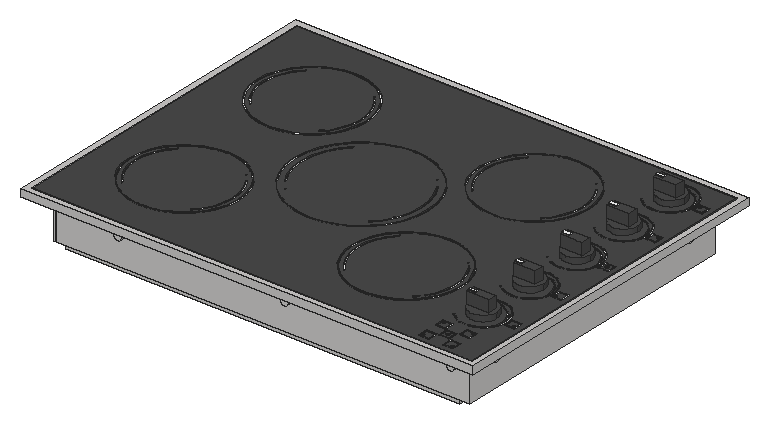
Revit family "QF_Summit_CR5B273B_Electric Cooktop", category Specialty Equipment, Revit 2020
Family settings
  Round Connector Dimension = Use Diameter
  Part Type = Normal
  Work Plane-Based = No
  Always vertical = Yes
  Cut with Voids When Loaded = No
  Shared = No
  Room Calculation Point = No
Parameters
  Weight in Pounds = 35
  Watts = Volts * FL Amps  # 5750 W
  Volts = 230 V
  URL Cutsheet = ""
  Specification by User = ""
  Specification by Manufacturer = ""
  Serial Number = ""
  Seismic Rating = ""
  SMACNA No = ""
  Revision Code = ""
  Phase = 1
  Number of Poles = 1
  NAFEM Spec ID Number = ""
  Model = "CR5B273B"
  Min Ckt Ampacity = 0 A
  Max Overcurrent Protection = 0 A
  Masterspec = ""
  Manufacturer = "Summit"
  Length = 27"
  Item Number = ""
  Installed By = ""
  Identify Quantity as Lot = yes
  Height = 3 1/8"
  HP = ""
  Furnished By = ""
  Foodservice Equipment Identifier = yes
  FL Amps = 25 A
  Electrical Remarks = ""
  Electric Connection Type = ""
  Elec Conn RI Height = 0"
  Elec Conn Connection Height = 0"
  Description = "Electric Cooktop"
  Depth = 20 1/2"
  Default Elevation = 0"
  Cycle = 60 Hz
  Conn Plug = ""
  Conn Conduit = yes
  CSI MasterFormat = ""
  Apparent Power = if(Phase = 3, Volts * FL Amps * 1.73, Volts * FL Amps)  # 5750 VA
Reference planes (in)
  plane 1 "BACK": y = 0
  plane 2: z = 0
  plane 3 "LEFT": x = 0
  plane 4 "RIGHT": x = 27
  plane 5 "FRONT": y = -20.5
  plane 6 "TOP": z = 3.125
  plane 7 "Center Y": x = 13.5
  plane 8 "Center X": y = -10.25
  plane 9: z = 4.125
  plane 10: z = 2.6875
  plane 11: x = 1
  plane 12: x = 1.125
  plane 13: y = -19.375
  plane 14: y = -19.5
  plane 15: x = 25.875
  plane 16: x = 26
  plane 17: y = -1.125
  plane 18: y = -1
  plane 19: z = 0.25
Forms (in)
  Extrusion 1, solid, material "QF_Plastic_Black_Smooth"
    sketch origin (-38.39759, -180, 3.125) x (-1, 0, 0) y (0, -1, 0)
      loop
        circle (-57.02259, -174.52348) r 3.25
      loop
        line (-38.77259, -179.625) -> (-38.77259, -159.875) -> (-65.02259, -159.875) -> (-65.02259, -179.625) -> (-38.77259, -179.625)
      loop
        circle (-57.02259, -174.52348) r 3.1875
      loop
        arc (-59.09085, -172.4366) -> (-59.96075, -174.52348) -> (-59.09085, -176.61036) r 2.93815
        line (-59.09085, -176.61036) -> (-59.04666, -176.56616)
        arc (-59.04666, -176.56616) -> (-59.89825, -174.52348) -> (-59.04666, -172.48079) r 2.87565
        line (-59.04666, -172.48079) -> (-59.09085, -172.4366)
      loop
        arc (-54.95433, -176.61036) -> (-54.08444, -174.52348) -> (-54.95433, -172.4366) r 2.93815
        line (-54.95433, -172.4366) -> (-54.99853, -172.48079)
        arc (-54.99853, -172.48079) -> (-54.14694, -174.52348) -> (-54.99853, -176.56616) r 2.87565
        line (-54.99853, -176.56616) -> (-54.95433, -176.61036)
      loop
        circle (-43.77259, -174.52348) r 3.25
      loop
        circle (-43.77259, -174.52348) r 3.1875
      loop
        arc (-45.84085, -172.4366) -> (-46.71075, -174.52348) -> (-45.84085, -176.61036) r 2.93815
        line (-45.84085, -176.61036) -> (-45.79666, -176.56616)
        arc (-45.79666, -176.56616) -> (-46.64825, -174.52348) -> (-45.79666, -172.48079) r 2.87565
        line (-45.79666, -172.48079) -> (-45.84085, -172.4366)
      loop
        arc (-41.70433, -176.61036) -> (-40.83444, -174.52348) -> (-41.70433, -172.4366) r 2.93815
        line (-41.70433, -172.4366) -> (-41.74853, -172.48079)
        arc (-41.74853, -172.48079) -> (-40.89694, -174.52348) -> (-41.74853, -176.56616) r 2.87565
        line (-41.74853, -176.56616) -> (-41.70433, -176.61036)
      loop
        circle (-57.02259, -165) r 3.25
      loop
        circle (-57.02259, -165) r 3.1875
      loop
        arc (-59.09085, -162.91312) -> (-59.96075, -165) -> (-59.09085, -167.08688) r 2.93815
        line (-59.09085, -167.08688) -> (-59.04666, -167.04268)
        arc (-59.04666, -167.04268) -> (-59.89825, -165) -> (-59.04666, -162.95732) r 2.87565
        line (-59.04666, -162.95732) -> (-59.09085, -162.91312)
      loop
        arc (-54.95433, -167.08688) -> (-54.08444, -165) -> (-54.95433, -162.91312) r 2.93815
        line (-54.95433, -162.91312) -> (-54.99853, -162.95732)
        arc (-54.99853, -162.95732) -> (-54.14694, -165) -> (-54.99853, -167.04268) r 2.87565
        line (-54.99853, -167.04268) -> (-54.95433, -167.08688)
      loop
        circle (-43.77259, -165) r 3.25
      loop
        circle (-43.77259, -165) r 3.1875
      loop
        arc (-45.84085, -162.91312) -> (-46.71075, -165) -> (-45.84085, -167.08688) r 2.93815
        line (-45.84085, -167.08688) -> (-45.79666, -167.04268)
        arc (-45.79666, -167.04268) -> (-46.64825, -165) -> (-45.79666, -162.95732) r 2.87565
        line (-45.79666, -162.95732) -> (-45.84085, -162.91312)
      loop
        arc (-41.70433, -167.08688) -> (-40.83444, -165) -> (-41.70433, -162.91312) r 2.93815
        line (-41.70433, -162.91312) -> (-41.74853, -162.95732)
        arc (-41.74853, -162.95732) -> (-40.89694, -165) -> (-41.74853, -167.04268) r 2.87565
        line (-41.74853, -167.04268) -> (-41.70433, -167.08688)
      loop
        circle (-50.52259, -169.75) r 4
      loop
        circle (-50.52259, -169.75) r 3.9375
      loop
        arc (-53.0374, -167.19261) -> (-54.1093, -169.75) -> (-53.0374, -172.30739) r 3.58671
        line (-53.0374, -172.30739) -> (-52.99321, -172.26319)
        arc (-52.99321, -172.26319) -> (-54.0468, -169.75) -> (-52.99321, -167.23681) r 3.52421
        line (-52.99321, -167.23681) -> (-53.0374, -167.19261)
      loop
        arc (-48.00778, -172.30739) -> (-46.93588, -169.75) -> (-48.00778, -167.19261) r 3.58671
        line (-48.00778, -167.19261) -> (-48.05198, -167.23681)
        arc (-48.05198, -167.23681) -> (-46.99838, -169.75) -> (-48.05198, -172.26319) r 3.52421
        line (-48.05198, -172.26319) -> (-48.00778, -172.30739)
      loop
        line (-61.57847, -173.25166) -> (-61.62267, -173.29586)
        arc (-61.62267, -173.29586) -> (-62.83855, -172.91173) -> (-63.82432, -173.72053) r 1.33828
        arc (-63.82432, -173.72053) -> (-63.26359, -175.07405) -> (-61.79901, -175.03578) r 1.29341
        line (-61.79901, -175.03578) -> (-61.60662, -175.22817)
        arc (-61.60662, -175.22817) -> (-63.98572, -174.20584) -> (-61.57847, -173.25166) r 1.40078
      loop
        arc (-61.80622, -175.11696) -> (-63.16673, -175.20147) -> (-63.91317, -174.06088) r 1.35591
        arc (-63.91317, -174.06088) -> (-63.208, -175.41025) -> (-61.6966, -175.22658) r 1.33828
        line (-61.6966, -175.22658) -> (-61.80622, -175.11696)
      loop
        line (-61.57847, -169.75166) -> (-61.62267, -169.79586)
        arc (-61.62267, -169.79586) -> (-62.83855, -169.41173) -> (-63.82432, -170.22053) r 1.33828
        arc (-63.82432, -170.22053) -> (-63.26359, -171.57405) -> (-61.79901, -171.53578) r 1.29341
        line (-61.79901, -171.53578) -> (-61.60662, -171.72817)
        arc (-61.60662, -171.72817) -> (-63.98572, -170.70584) -> (-61.57847, -169.75166) r 1.40078
      loop
        arc (-61.80622, -171.61696) -> (-63.16673, -171.70147) -> (-63.91317, -170.56088) r 1.35591
        arc (-63.91317, -170.56088) -> (-63.208, -171.91025) -> (-61.6966, -171.72658) r 1.33828
        line (-61.6966, -171.72658) -> (-61.80622, -171.61696)
      loop
        line (-61.57847, -166.25166) -> (-61.62267, -166.29586)
        arc (-61.62267, -166.29586) -> (-62.83855, -165.91173) -> (-63.82432, -166.72053) r 1.33828
        arc (-63.82432, -166.72053) -> (-63.26359, -168.07405) -> (-61.79901, -168.03578) r 1.29341
        line (-61.79901, -168.03578) -> (-61.60662, -168.22817)
        arc (-61.60662, -168.22817) -> (-63.98572, -167.20584) -> (-61.57847, -166.25166) r 1.40078
      loop
        arc (-61.80622, -168.11696) -> (-63.16673, -168.20147) -> (-63.91317, -167.06088) r 1.35591
        arc (-63.91317, -167.06088) -> (-63.208, -168.41025) -> (-61.6966, -168.22658) r 1.33828
        line (-61.6966, -168.22658) -> (-61.80622, -168.11696)
      loop
        line (-61.57847, -162.77723) -> (-61.62267, -162.82143)
        arc (-61.62267, -162.82143) -> (-62.83855, -162.4373) -> (-63.82432, -163.2461) r 1.33828
        arc (-63.82432, -163.2461) -> (-63.26359, -164.59962) -> (-61.79901, -164.56135) r 1.29341
        line (-61.79901, -164.56135) -> (-61.60662, -164.75374)
        arc (-61.60662, -164.75374) -> (-63.98572, -163.73141) -> (-61.57847, -162.77723) r 1.40078
      loop
        arc (-61.80622, -164.64253) -> (-63.16673, -164.72704) -> (-63.91317, -163.58645) r 1.35591
        arc (-63.91317, -163.58645) -> (-63.208, -164.93582) -> (-61.6966, -164.75215) r 1.33828
        line (-61.6966, -164.75215) -> (-61.80622, -164.64253)
      loop
        line (-61.57579, -162.04609) -> (-61.57579, -161.46755) -> (-62.15433, -161.46755) -> (-62.15433, -162.04609) -> (-61.57579, -162.04609)
      loop
        line (-61.60704, -161.4988) -> (-62.12308, -161.4988) -> (-62.12308, -162.01484) -> (-61.60704, -162.01484) -> (-61.60704, -161.4988)
      loop
        circle (-61.70168, -161.92081) r 0.08284
      loop
        line (-63.58551, -162.04609) -> (-63.00697, -162.04609) -> (-63.00697, -161.46755) -> (-63.58551, -161.46755) -> (-63.58551, -162.04609)
      loop
        line (-63.55426, -161.4988) -> (-63.55426, -162.01484) -> (-63.03822, -162.01484) -> (-63.03822, -161.4988) -> (-63.55426, -161.4988)
      loop
        circle (-63.45963, -161.92081) r 0.08284
      loop
        line (-61.57579, -160.22956) -> (-62.15433, -160.22956) -> (-62.15433, -160.8081) -> (-61.57579, -160.8081) -> (-61.57579, -160.22956)
      loop
        line (-61.60704, -160.77685) -> (-61.60704, -160.26081) -> (-62.12308, -160.26081) -> (-62.12308, -160.77685) -> (-61.60704, -160.77685)
      loop
        circle (-61.70168, -160.35484) r 0.08284
      loop
        line (-63.58551, -160.22956) -> (-63.58551, -160.8081) -> (-63.00697, -160.8081) -> (-63.00697, -160.22956) -> (-63.58551, -160.22956)
      loop
        line (-63.55426, -160.77685) -> (-63.03822, -160.77685) -> (-63.03822, -160.26081) -> (-63.55426, -160.26081) -> (-63.55426, -160.77685)
      loop
        circle (-63.45963, -160.35484) r 0.08284
      loop
        line (-64.66008, -163.4712) -> (-64.66008, -164.04974) -> (-64.08154, -164.04974) -> (-64.08154, -163.4712) -> (-64.66008, -163.4712)
      loop
        line (-64.62883, -164.01849) -> (-64.11279, -164.01849) -> (-64.11279, -163.50245) -> (-64.62883, -163.50245) -> (-64.62883, -164.01849)
      loop
        circle (-64.53419, -163.59648) r 0.08284
      loop
        line (-64.08154, -166.95781) -> (-64.66008, -166.95781) -> (-64.66008, -167.53635) -> (-64.08154, -167.53635) -> (-64.08154, -166.95781)
      loop
        line (-64.11279, -167.5051) -> (-64.11279, -166.98906) -> (-64.62883, -166.98906) -> (-64.62883, -167.5051) -> (-64.11279, -167.5051)
      loop
        circle (-64.20743, -167.0831) r 0.08284
      loop
        line (-64.66008, -171.03551) -> (-64.08154, -171.03551) -> (-64.08154, -170.45697) -> (-64.66008, -170.45697) -> (-64.66008, -171.03551)
      loop
        line (-64.62883, -170.48822) -> (-64.62883, -171.00426) -> (-64.11279, -171.00426) -> (-64.11279, -170.48822) -> (-64.62883, -170.48822)
      loop
        circle (-64.37081, -170.74624) r 0.08284
      loop
        line (-64.08154, -174.55236) -> (-64.08154, -173.97382) -> (-64.66008, -173.97382) -> (-64.66008, -174.55236) -> (-64.08154, -174.55236)
      loop
        line (-64.11279, -174.00507) -> (-64.62883, -174.00507) -> (-64.62883, -174.52111) -> (-64.11279, -174.52111) -> (-64.11279, -174.00507)
      loop
        line (-62.29138, -161.4271) -> (-62.29138, -160.84856) -> (-62.86992, -160.84856) -> (-62.86992, -161.4271) -> (-62.29138, -161.4271)
      loop
        line (-62.32263, -160.87981) -> (-62.83867, -160.87981) -> (-62.83867, -161.39585) -> (-62.32263, -161.39585) -> (-62.32263, -160.87981)
      loop
        circle (-62.58065, -161.13783) r 0.08284
      loop
        line (-61.57847, -176.75166) -> (-61.62267, -176.79586)
        arc (-61.62267, -176.79586) -> (-62.83855, -176.41173) -> (-63.82432, -177.22053) r 1.33828
        arc (-63.82432, -177.22053) -> (-63.26359, -178.57405) -> (-61.79901, -178.53578) r 1.29341
        line (-61.79901, -178.53578) -> (-61.60662, -178.72817)
        arc (-61.60662, -178.72817) -> (-63.98572, -177.70584) -> (-61.57847, -176.75166) r 1.40078
      loop
        arc (-61.80622, -178.61696) -> (-63.16673, -178.70147) -> (-63.91317, -177.56088) r 1.35591
        arc (-63.91317, -177.56088) -> (-63.208, -178.91025) -> (-61.6966, -178.72658) r 1.33828
        line (-61.6966, -178.72658) -> (-61.80622, -178.61696)
      loop
        line (-64.08154, -178.05236) -> (-64.08154, -177.47382) -> (-64.66008, -177.47382) -> (-64.66008, -178.05236) -> (-64.08154, -178.05236)
      loop
        line (-64.11279, -177.50507) -> (-64.62883, -177.50507) -> (-64.62883, -178.02111) -> (-64.11279, -178.02111) -> (-64.11279, -177.50507)
      loop
        circle (-64.20743, -177.92707) r 0.08284
      loop
        circle (-64.53419, -174.42707) r 0.08284
    from 0 to -0.4375
  Extrusion 2, solid, material "QF_Plastic_Black_Smooth"
    sketch origin (-38.39759, -181.25, 3.125) x (-1, 0, 0) y (0, -1, 0)
      loop
        circle (-62.5974, -165.00277) r 0.81666
      loop
        circle (-62.5974, -168.4772) r 0.81666
      loop
        circle (-62.5974, -171.9772) r 0.81666
      loop
        circle (-62.5974, -175.4772) r 0.81666
      loop
        circle (-62.5974, -178.9772) r 0.81666
    from 0 to 0.3127
  Extrusion 3, solid, material "QF_Plastic_Black_Smooth"
    sketch origin (-38.39759, -181.25, 3.4377) x (-1, 0, 0) y (0, -1, 0)
      loop
        arc (-61.82749, -165.27511) -> (-61.78074, -165.00277) -> (-61.82749, -164.73042) r 0.81666
        line (-61.82749, -164.73042) -> (-63.13526, -164.73042) -> (-63.13526, -165.27511) -> (-61.82749, -165.27511)
      loop
        arc (-61.82749, -168.74954) -> (-61.78074, -168.4772) -> (-61.82749, -168.20485) r 0.81666
        line (-61.82749, -168.20485) -> (-63.13526, -168.20485) -> (-63.13526, -168.74954) -> (-61.82749, -168.74954)
      loop
        arc (-61.82749, -172.24954) -> (-61.78074, -171.9772) -> (-61.82749, -171.70485) r 0.81666
        line (-61.82749, -171.70485) -> (-63.13526, -171.70485) -> (-63.13526, -172.24954) -> (-61.82749, -172.24954)
      loop
        arc (-61.82749, -175.74954) -> (-61.78074, -175.4772) -> (-61.82749, -175.20485) r 0.81666
        line (-61.82749, -175.20485) -> (-63.13526, -175.20485) -> (-63.13526, -175.74954) -> (-61.82749, -175.74954)
      loop
        arc (-61.82749, -179.24954) -> (-61.78074, -178.9772) -> (-61.82749, -178.70485) r 0.81666
        line (-61.82749, -178.70485) -> (-63.13526, -178.70485) -> (-63.13526, -179.24954) -> (-61.82749, -179.24954)
    from 0 to 0.6873
  Extrusion 4, solid, material "QF_Plastic_White_Smooth"
    sketch origin (-38.39759, -180, 3.125) x (-1, 0, 0) y (0, -1, 0)
      loop
        circle (-43.77259, -174.52348) r 3.25
      loop
        circle (-43.77259, -174.52348) r 3.1875
      loop
        line (-41.74853, -176.56616) -> (-41.70433, -176.61036)
        arc (-41.70433, -176.61036) -> (-40.83444, -174.52348) -> (-41.70433, -172.4366) r 2.93815
        line (-41.70433, -172.4366) -> (-41.74853, -172.48079)
        arc (-41.74853, -172.48079) -> (-40.89694, -174.52348) -> (-41.74853, -176.56616) r 2.87565
      loop
        line (-45.79666, -172.48079) -> (-45.84085, -172.4366)
        arc (-45.84085, -172.4366) -> (-46.71075, -174.52348) -> (-45.84085, -176.61036) r 2.93815
        line (-45.84085, -176.61036) -> (-45.79666, -176.56616)
        arc (-45.79666, -176.56616) -> (-46.64825, -174.52348) -> (-45.79666, -172.48079) r 2.87565
      loop
        circle (-43.77259, -165) r 3.25
      loop
        circle (-43.77259, -165) r 3.1875
      loop
        line (-45.84085, -167.08688) -> (-45.79666, -167.04268)
        arc (-45.79666, -167.04268) -> (-46.64825, -165) -> (-45.79666, -162.95732) r 2.87565
        line (-45.79666, -162.95732) -> (-45.84085, -162.91312)
        arc (-45.84085, -162.91312) -> (-46.71075, -165) -> (-45.84085, -167.08688) r 2.93815
      loop
        line (-41.70433, -162.91312) -> (-41.74853, -162.95732)
        arc (-41.74853, -162.95732) -> (-40.89694, -165) -> (-41.74853, -167.04268) r 2.87565
        line (-41.74853, -167.04268) -> (-41.70433, -167.08688)
        arc (-41.70433, -167.08688) -> (-40.83444, -165) -> (-41.70433, -162.91312) r 2.93815
      loop
        circle (-50.52259, -169.75) r 4
      loop
        circle (-50.52259, -169.75) r 3.9375
      loop
        line (-48.00778, -167.19261) -> (-48.05198, -167.23681)
        arc (-48.05198, -167.23681) -> (-46.99838, -169.75) -> (-48.05198, -172.26319) r 3.52421
        line (-48.05198, -172.26319) -> (-48.00778, -172.30739)
        arc (-48.00778, -172.30739) -> (-46.93588, -169.75) -> (-48.00778, -167.19261) r 3.58671
      loop
        line (-53.0374, -172.30739) -> (-52.99321, -172.26319)
        arc (-52.99321, -172.26319) -> (-54.0468, -169.75) -> (-52.99321, -167.23681) r 3.52421
        line (-52.99321, -167.23681) -> (-53.0374, -167.19261)
        arc (-53.0374, -167.19261) -> (-54.1093, -169.75) -> (-53.0374, -172.30739) r 3.58671
      loop
        circle (-57.02259, -174.52348) r 3.25
      loop
        circle (-57.02259, -174.52348) r 3.1875
      loop
        line (-54.95433, -172.4366) -> (-54.99853, -172.48079)
        arc (-54.99853, -172.48079) -> (-54.14694, -174.52348) -> (-54.99853, -176.56616) r 2.87565
        line (-54.99853, -176.56616) -> (-54.95433, -176.61036)
        arc (-54.95433, -176.61036) -> (-54.08444, -174.52348) -> (-54.95433, -172.4366) r 2.93815
      loop
        line (-59.09085, -176.61036) -> (-59.04666, -176.56616)
        arc (-59.04666, -176.56616) -> (-59.89825, -174.52348) -> (-59.04666, -172.48079) r 2.87565
        line (-59.04666, -172.48079) -> (-59.09085, -172.4366)
        arc (-59.09085, -172.4366) -> (-59.96075, -174.52348) -> (-59.09085, -176.61036) r 2.93815
      loop
        circle (-57.02259, -165) r 3.25
      loop
        circle (-57.02259, -165) r 3.1875
      loop
        line (-59.09085, -167.08688) -> (-59.04666, -167.04268)
        arc (-59.04666, -167.04268) -> (-59.89825, -165) -> (-59.04666, -162.95732) r 2.87565
        line (-59.04666, -162.95732) -> (-59.09085, -162.91312)
        arc (-59.09085, -162.91312) -> (-59.96075, -165) -> (-59.09085, -167.08688) r 2.93815
      loop
        line (-54.99853, -167.04268) -> (-54.95433, -167.08688)
        arc (-54.95433, -167.08688) -> (-54.08444, -165) -> (-54.95433, -162.91312) r 2.93815
        line (-54.95433, -162.91312) -> (-54.99853, -162.95732)
        arc (-54.99853, -162.95732) -> (-54.14694, -165) -> (-54.99853, -167.04268) r 2.87565
      loop
        line (-62.15433, -162.04609) -> (-61.57579, -162.04609) -> (-61.57579, -161.46755) -> (-62.15433, -161.46755) -> (-62.15433, -162.04609)
      loop
        line (-62.12308, -162.01484) -> (-61.60704, -162.01484) -> (-61.60704, -161.4988) -> (-62.12308, -161.4988) -> (-62.12308, -162.01484)
      loop
        circle (-61.70168, -161.92081) r 0.08284
      loop
        line (-63.58551, -161.46755) -> (-63.58551, -162.04609) -> (-63.00697, -162.04609) -> (-63.00697, -161.46755) -> (-63.58551, -161.46755)
      loop
        line (-63.03822, -162.01484) -> (-63.03822, -161.4988) -> (-63.55426, -161.4988) -> (-63.55426, -162.01484) -> (-63.03822, -162.01484)
      loop
        circle (-63.45963, -161.92081) r 0.08284
      loop
        line (-62.15433, -160.22956) -> (-62.15433, -160.8081) -> (-61.57579, -160.8081) -> (-61.57579, -160.22956) -> (-62.15433, -160.22956)
      loop
        line (-61.60704, -160.26081) -> (-62.12308, -160.26081) -> (-62.12308, -160.77685) -> (-61.60704, -160.77685) -> (-61.60704, -160.26081)
      loop
        circle (-61.70168, -160.35484) r 0.08284
      loop
        line (-63.03822, -160.77685) -> (-63.03822, -160.26081) -> (-63.55426, -160.26081) -> (-63.55426, -160.77685) -> (-63.03822, -160.77685)
      loop
        line (-63.00697, -160.22956) -> (-63.58551, -160.22956) -> (-63.58551, -160.8081) -> (-63.00697, -160.8081) -> (-63.00697, -160.22956)
      loop
        circle (-63.45963, -160.35484) r 0.08284
      loop
        arc (-61.60662, -164.75374) -> (-63.98572, -163.73141) -> (-61.57847, -162.77723) r 1.40078
        line (-61.57847, -162.77723) -> (-61.62267, -162.82143)
        arc (-61.62267, -162.82143) -> (-62.83855, -162.4373) -> (-63.82432, -163.2461) r 1.33828
        arc (-63.82432, -163.2461) -> (-63.26359, -164.59962) -> (-61.79901, -164.56135) r 1.29341
        line (-61.79901, -164.56135) -> (-61.60662, -164.75374)
      loop
        arc (-63.91317, -163.58645) -> (-63.208, -164.93582) -> (-61.6966, -164.75215) r 1.33828
        line (-61.6966, -164.75215) -> (-61.80622, -164.64253)
        arc (-61.80622, -164.64253) -> (-63.16673, -164.72704) -> (-63.91317, -163.58645) r 1.35591
      loop
        line (-64.08154, -164.04974) -> (-64.08154, -163.4712) -> (-64.66008, -163.4712) -> (-64.66008, -164.04974) -> (-64.08154, -164.04974)
      loop
        line (-64.62883, -164.01849) -> (-64.11279, -164.01849) -> (-64.11279, -163.50245) -> (-64.62883, -163.50245) -> (-64.62883, -164.01849)
      loop
        circle (-64.53419, -163.59648) r 0.08284
      loop
        arc (-61.60662, -168.22817) -> (-63.98572, -167.20584) -> (-61.57847, -166.25166) r 1.40078
        line (-61.57847, -166.25166) -> (-61.62267, -166.29586)
        arc (-61.62267, -166.29586) -> (-62.83855, -165.91173) -> (-63.82432, -166.72053) r 1.33828
        arc (-63.82432, -166.72053) -> (-63.26359, -168.07405) -> (-61.79901, -168.03578) r 1.29341
        line (-61.79901, -168.03578) -> (-61.60662, -168.22817)
      loop
        arc (-61.80622, -168.11696) -> (-63.16673, -168.20147) -> (-63.91317, -167.06088) r 1.35591
        arc (-63.91317, -167.06088) -> (-63.208, -168.41025) -> (-61.6966, -168.22658) r 1.33828
        line (-61.6966, -168.22658) -> (-61.80622, -168.11696)
      loop
        line (-64.66008, -166.95781) -> (-64.66008, -167.53635) -> (-64.08154, -167.53635) -> (-64.08154, -166.95781) -> (-64.66008, -166.95781)
      loop
        line (-64.62883, -166.98906) -> (-64.62883, -167.5051) -> (-64.11279, -167.5051) -> (-64.11279, -166.98906) -> (-64.62883, -166.98906)
      loop
        circle (-64.20743, -167.0831) r 0.08284
      loop
        arc (-61.60662, -171.72817) -> (-63.98572, -170.70584) -> (-61.57847, -169.75166) r 1.40078
        line (-61.57847, -169.75166) -> (-61.62267, -169.79586)
        arc (-61.62267, -169.79586) -> (-62.83855, -169.41173) -> (-63.82432, -170.22053) r 1.33828
        arc (-63.82432, -170.22053) -> (-63.26359, -171.57405) -> (-61.79901, -171.53578) r 1.29341
        line (-61.79901, -171.53578) -> (-61.60662, -171.72817)
      loop
        arc (-63.91317, -170.56088) -> (-63.208, -171.91025) -> (-61.6966, -171.72658) r 1.33828
        line (-61.6966, -171.72658) -> (-61.80622, -171.61696)
        arc (-61.80622, -171.61696) -> (-63.16673, -171.70147) -> (-63.91317, -170.56088) r 1.35591
      loop
        line (-64.66008, -170.45697) -> (-64.66008, -171.03551) -> (-64.08154, -171.03551) -> (-64.08154, -170.45697) -> (-64.66008, -170.45697)
      loop
        line (-64.11279, -170.48822) -> (-64.62883, -170.48822) -> (-64.62883, -171.00426) -> (-64.11279, -171.00426) -> (-64.11279, -170.48822)
      loop
        line (-64.66008, -173.97382) -> (-64.66008, -174.55236) -> (-64.08154, -174.55236) -> (-64.08154, -173.97382) -> (-64.66008, -173.97382)
      loop
        line (-64.11279, -174.00507) -> (-64.62883, -174.00507) -> (-64.62883, -174.52111) -> (-64.11279, -174.52111) -> (-64.11279, -174.00507)
      loop
        arc (-63.82432, -173.72053) -> (-63.26359, -175.07405) -> (-61.79901, -175.03578) r 1.29341
        line (-61.79901, -175.03578) -> (-61.60662, -175.22817)
        arc (-61.60662, -175.22817) -> (-63.98572, -174.20584) -> (-61.57847, -173.25166) r 1.40078
        line (-61.57847, -173.25166) -> (-61.62267, -173.29586)
        arc (-61.62267, -173.29586) -> (-62.83855, -172.91173) -> (-63.82432, -173.72053) r 1.33828
      loop
        arc (-61.80622, -175.11696) -> (-63.16673, -175.20147) -> (-63.91317, -174.06088) r 1.35591
        arc (-63.91317, -174.06088) -> (-63.208, -175.41025) -> (-61.6966, -175.22658) r 1.33828
        line (-61.6966, -175.22658) -> (-61.80622, -175.11696)
      loop
        line (-62.86992, -161.4271) -> (-62.29138, -161.4271) -> (-62.29138, -160.84856) -> (-62.86992, -160.84856) -> (-62.86992, -161.4271)
      loop
        line (-62.83867, -161.39585) -> (-62.32263, -161.39585) -> (-62.32263, -160.87981) -> (-62.83867, -160.87981) -> (-62.83867, -161.39585)
      loop
        circle (-62.58065, -161.13783) r 0.08284
      loop
        circle (-64.37081, -170.74624) r 0.08284
      loop
        circle (-64.53419, -174.42707) r 0.08284
      loop
        line (-64.66008, -177.47382) -> (-64.66008, -178.05236) -> (-64.08154, -178.05236) -> (-64.08154, -177.47382) -> (-64.66008, -177.47382)
      loop
        line (-64.11279, -177.50507) -> (-64.62883, -177.50507) -> (-64.62883, -178.02111) -> (-64.11279, -178.02111) -> (-64.11279, -177.50507)
      loop
        arc (-63.82432, -177.22053) -> (-63.26359, -178.57405) -> (-61.79901, -178.53578) r 1.29341
        line (-61.79901, -178.53578) -> (-61.60662, -178.72817)
        arc (-61.60662, -178.72817) -> (-63.98572, -177.70584) -> (-61.57847, -176.75166) r 1.40078
        line (-61.57847, -176.75166) -> (-61.62267, -176.79586)
        arc (-61.62267, -176.79586) -> (-62.83855, -176.41173) -> (-63.82432, -177.22053) r 1.33828
      loop
        arc (-61.80622, -178.61696) -> (-63.16673, -178.70147) -> (-63.91317, -177.56088) r 1.35591
        arc (-63.91317, -177.56088) -> (-63.208, -178.91025) -> (-61.6966, -178.72658) r 1.33828
        line (-61.6966, -178.72658) -> (-61.80622, -178.61696)
      loop
        circle (-64.20743, -177.92707) r 0.08284
    from 0 to -0.4375
  Extrusion 5, solid, material "QF_Metal_Stainless_Polished"
    sketch origin (-38.39759, -180, 0.25) x (1, 0, 0) y (0, -1, 0)
      loop
        line (64.21009, -178.8125) -> (64.21009, -160.6875) -> (39.58509, -160.6875) -> (39.58509, -178.8125) -> (64.21009, -178.8125)
    from 0 to -0.0625
  Extrusion 6, solid, material "QF_Metal_Stainless_Polished"
    sketch origin (0, 14, 0) x (1, 0, 0) y (0, 1, 0)
      loop
        circle (24.17078, -16.11025) r 0.375
    from 0 to -0.25
  Extrusion 7, solid, material "QF_Metal_Stainless_Polished"
    sketch origin (-38.39759, -180, 2.6875) x (0, -1, 0) y (-1, 0, 0)
      loop
        line (-178.875, -39.52259) -> (-178.875, -64.27259) -> (-160.625, -64.27259) -> (-160.625, -39.52259) -> (-178.875, -39.52259)
      loop
        line (-160.6875, -39.58509) -> (-178.8125, -39.58509) -> (-178.8125, -64.21009) -> (-160.6875, -64.21009) -> (-160.6875, -39.58509)
    from 0 to 2.4375
  Extrusion 8, solid, material "QF_Metal_Stainless_Polished"
    sketch origin (21.1875, -19.375, 2.6875) x (-1, 0, 0) y (0, 0, -1)
      loop
        circle (16.15692, 0.73347) r 0.25
      loop
        circle (-3.65692, 0.73347) r 0.25
      loop
        circle (6.23698, 0.73347) r 0.25
    from 0 to 0.125
  Extrusion 9, solid, material "QF_Metal_Stainless_Polished"
    sketch origin (1.125, -1.71875, 2.6875) x (0, 1, 0) y (0, 0, -1)
      loop
        circle (-15.76754, 0.73347) r 0.25
      loop
        circle (-1.29496, 0.73347) r 0.25
    from 0 to 0.125
  Extrusion 10, solid, material "QF_Metal_Stainless_Polished"
    sketch origin (-38.39759, -180, 3.125) x (-1, 0, 0) y (0, -1, 0)
      loop
        line (-38.39759, -180) -> (-38.39759, -159.5) -> (-65.39759, -159.5) -> (-65.39759, -180) -> (-38.39759, -180)
      loop
        line (-65.02259, -159.875) -> (-65.02259, -179.625) -> (-38.77259, -179.625) -> (-38.77259, -159.875) -> (-65.02259, -159.875)
    from 0 to -0.4375
  Extrusion 11, solid, material "QF_Metal_Stainless_Polished"
    sketch origin (21.1875, -1.125, 2.6875) x (-1, 0, 0) y (0, 0, 1)
      loop
        circle (16.15692, -0.73347) r 0.25
      loop
        circle (-3.65692, -0.73347) r 0.25
      loop
        circle (6.23698, -0.73347) r 0.25
    from 0 to 0.125
  Extrusion 12, solid, material "QF_Metal_Stainless_Polished"
    sketch origin (25.875, -1.71875, 2.6875) x (0, 1, 0) y (0, 0, 1)
      loop
        circle (-15.76754, -0.73347) r 0.25
      loop
        circle (-1.29496, -0.73347) r 0.25
    from 0 to 0.125
  Extrusion 13, solid, material "QF_Metal_Stainless_Polished"
    sketch origin (-38.39759, -180, 0.25) x (0, 1, 0) y (-1, 0, 0)
      loop
        line (178.8125, -63.6586) -> (178.8125, -40.13659) -> (160.6875, -40.13659) -> (160.6875, -63.6586) -> (178.8125, -63.6586)
    from 0 to -0.25
  Extrusion 14, solid, material "QF_Plastic_White_Smooth"
    sketch origin (-38.39759, -181.25, 4.125) x (-1, 0, 0) y (0, -1, 0)
      loop
        line (-62.20837, -168.38195) -> (-62.20837, -168.57244) -> (-61.78631, -168.57244)
        arc (-61.78631, -168.57244) -> (-61.78074, -168.4772) -> (-61.78631, -168.38195) r 0.81666
        line (-61.78631, -168.38195) -> (-62.20837, -168.38195)
      loop
        line (-62.20837, -171.88195) -> (-62.20837, -172.07244) -> (-61.78631, -172.07244)
        arc (-61.78631, -172.07244) -> (-61.78074, -171.9772) -> (-61.78631, -171.88195) r 0.81666
        line (-61.78631, -171.88195) -> (-62.20837, -171.88195)
      loop
        line (-62.20837, -175.38195) -> (-62.20837, -175.57244) -> (-61.78631, -175.57244)
        arc (-61.78631, -175.57244) -> (-61.78074, -175.4772) -> (-61.78631, -175.38195) r 0.81666
        line (-61.78631, -175.38195) -> (-62.20837, -175.38195)
      loop
        line (-62.20837, -164.90752) -> (-62.20837, -165.09801) -> (-61.78631, -165.09801)
        arc (-61.78631, -165.09801) -> (-61.78074, -165.00277) -> (-61.78631, -164.90752) r 0.81666
        line (-61.78631, -164.90752) -> (-62.20837, -164.90752)
      loop
        line (-62.20837, -178.88195) -> (-62.20837, -179.07244) -> (-61.78631, -179.07244)
        arc (-61.78631, -179.07244) -> (-61.78074, -178.9772) -> (-61.78631, -178.88195) r 0.81666
        line (-61.78631, -178.88195) -> (-62.20837, -178.88195)
    from 0 to 0.03125
Lines and regions (in)
  symbolic lines
    curve 1: line (0, 0, 0) -> (0, -20.5, 0)
    curve 2: line (0, -20.5, 0) -> (27, -20.5, 0)
    curve 3: line (27, -20.5, 0) -> (27, 0, 0)
    curve 4: line (27, 0, 0) -> (0, 0, 0)
    curve 5: line (0.375, -20.125, 0) -> (0.375, -0.375, 0)
    curve 6: line (0.375, -0.375, 0) -> (26.625, -0.375, 0)
    curve 7: line (26.625, -0.375, 0) -> (26.625, -20.125, 0)
    curve 8: line (26.625, -20.125, 0) -> (0.375, -20.125, 0)
    curve 9: arc (8.625, -5.47652, 0) -> (5.375, -2.22652, 0) -> (2.125, -5.47652, 0) r 3.25
    curve 10: arc (2.125, -5.47652, 0) -> (5.375, -8.72652, 0) -> (8.625, -5.47652, 0) r 3.25
    curve 11: arc (2.1875, -5.47652, 0) -> (5.375, -2.28902, 0) -> (8.5625, -5.47652, 0) r 3.1875
    curve 12: arc (8.5625, -5.47652, 0) -> (5.375, -8.66402, 0) -> (2.1875, -5.47652, 0) r 3.1875
    curve 13: arc (3.30674, -3.38964, 0) -> (2.43685, -5.47652, 0) -> (3.30674, -7.5634, 0) r 2.93815
    curve 14: line (3.30674, -7.5634, 0) -> (3.35094, -7.51921, 0)
    curve 15: arc (3.35094, -7.51921, 0) -> (2.49935, -5.47652, 0) -> (3.35094, -3.43384, 0) r 2.87565
    curve 16: line (3.35094, -3.43384, 0) -> (3.30674, -3.38964, 0)
    curve 17: arc (7.39906, -3.43384, 0) -> (8.25065, -5.47652, 0) -> (7.39906, -7.51921, 0) r 2.87565
    curve 18: line (7.39906, -7.51921, 0) -> (7.44326, -7.5634, 0)
    curve 19: arc (7.44326, -7.5634, 0) -> (8.31315, -5.47652, 0) -> (7.44326, -3.38964, 0) r 2.93815
    curve 20: line (7.44326, -3.38964, 0) -> (7.39906, -3.43384, 0)
    curve 21: arc (16.125, -10.25, 0) -> (12.125, -6.25, 0) -> (8.125, -10.25, 0) r 4
    curve 22: arc (8.125, -10.25, 0) -> (12.125, -14.25, 0) -> (16.125, -10.25, 0) r 4
    curve 23: arc (8.1875, -10.25, 0) -> (12.125, -6.3125, 0) -> (16.0625, -10.25, 0) r 3.9375
    curve 24: arc (16.0625, -10.25, 0) -> (12.125, -14.1875, 0) -> (8.1875, -10.25, 0) r 3.9375
    curve 25: arc (9.65439, -12.76319, 0) -> (8.60079, -10.25, 0) -> (9.65439, -7.73681, 0) r 3.52421
    curve 26: line (9.65439, -7.73681, 0) -> (9.61019, -7.69261, 0)
    curve 27: arc (9.61019, -7.69261, 0) -> (8.53829, -10.25, 0) -> (9.61019, -12.80739, 0) r 3.58671
    curve 28: line (9.61019, -12.80739, 0) -> (9.65439, -12.76319, 0)
    curve 29: arc (14.63981, -7.69261, 0) -> (15.71171, -10.25, 0) -> (14.63981, -12.80739, 0) r 3.58671
    curve 30: line (14.63981, -12.80739, 0) -> (14.59561, -12.76319, 0)
    curve 31: arc (14.59561, -12.76319, 0) -> (15.64921, -10.25, 0) -> (14.59561, -7.73681, 0) r 3.52421
    curve 32: line (14.59561, -7.73681, 0) -> (14.63981, -7.69261, 0)
    curve 33: arc (8.625, -15, 0) -> (5.375, -11.75, 0) -> (2.125, -15, 0) r 3.25
    curve 34: arc (2.125, -15, 0) -> (5.375, -18.25, 0) -> (8.625, -15, 0) r 3.25
    curve 35: arc (2.1875, -15, 0) -> (5.375, -11.8125, 0) -> (8.5625, -15, 0) r 3.1875
    curve 36: arc (8.5625, -15, 0) -> (5.375, -18.1875, 0) -> (2.1875, -15, 0) r 3.1875
    curve 37: arc (3.35094, -17.04268, 0) -> (2.49935, -15, 0) -> (3.35094, -12.95732, 0) r 2.87565
    curve 38: line (3.35094, -12.95732, 0) -> (3.30674, -12.91312, 0)
    curve 39: arc (3.30674, -12.91312, 0) -> (2.43685, -15, 0) -> (3.30674, -17.08688, 0) r 2.93815
    curve 40: line (3.30674, -17.08688, 0) -> (3.35094, -17.04268, 0)
    curve 41: arc (7.39906, -12.95732, 0) -> (8.25065, -15, 0) -> (7.39906, -17.04268, 0) r 2.87565
    curve 42: line (7.39906, -17.04268, 0) -> (7.44326, -17.08688, 0)
    curve 43: arc (7.44326, -17.08688, 0) -> (8.31315, -15, 0) -> (7.44326, -12.91312, 0) r 2.93815
    curve 44: line (7.44326, -12.91312, 0) -> (7.39906, -12.95732, 0)
    curve 45: arc (21.875, -15, 0) -> (18.625, -11.75, 0) -> (15.375, -15, 0) r 3.25
    curve 46: arc (15.375, -15, 0) -> (18.625, -18.25, 0) -> (21.875, -15, 0) r 3.25
    curve 47: arc (15.4375, -15, 0) -> (18.625, -11.8125, 0) -> (21.8125, -15, 0) r 3.1875
    curve 48: arc (21.8125, -15, 0) -> (18.625, -18.1875, 0) -> (15.4375, -15, 0) r 3.1875
    curve 49: arc (20.69326, -17.08688, 0) -> (21.56315, -15, 0) -> (20.69326, -12.91312, 0) r 2.93815
    curve 50: line (20.69326, -12.91312, 0) -> (20.64906, -12.95732, 0)
    curve 51: arc (20.64906, -12.95732, 0) -> (21.50065, -15, 0) -> (20.64906, -17.04268, 0) r 2.87565
    curve 52: line (20.64906, -17.04268, 0) -> (20.69326, -17.08688, 0)
    curve 53: arc (16.55674, -12.91312, 0) -> (15.68685, -15, 0) -> (16.55674, -17.08688, 0) r 2.93815
    curve 54: line (16.55674, -17.08688, 0) -> (16.60094, -17.04268, 0)
    curve 55: arc (16.60094, -17.04268, 0) -> (15.74935, -15, 0) -> (16.60094, -12.95732, 0) r 2.87565
    curve 56: line (16.60094, -12.95732, 0) -> (16.55674, -12.91312, 0)
    curve 57: arc (21.875, -5.47652, 0) -> (18.625, -2.22652, 0) -> (15.375, -5.47652, 0) r 3.25
    curve 58: arc (15.375, -5.47652, 0) -> (18.625, -8.72652, 0) -> (21.875, -5.47652, 0) r 3.25
    curve 59: arc (15.4375, -5.47652, 0) -> (18.625, -2.28902, 0) -> (21.8125, -5.47652, 0) r 3.1875
    curve 60: arc (21.8125, -5.47652, 0) -> (18.625, -8.66402, 0) -> (15.4375, -5.47652, 0) r 3.1875
    curve 61: arc (16.55674, -3.38964, 0) -> (15.68685, -5.47652, 0) -> (16.55674, -7.5634, 0) r 2.93815
    curve 62: line (16.55674, -7.5634, 0) -> (16.60094, -7.51921, 0)
    curve 63: arc (16.60094, -7.51921, 0) -> (15.74935, -5.47652, 0) -> (16.60094, -3.43384, 0) r 2.87565
    curve 64: line (16.60094, -3.43384, 0) -> (16.55674, -3.38964, 0)
    curve 65: arc (20.69326, -7.5634, 0) -> (21.56315, -5.47652, 0) -> (20.69326, -3.38964, 0) r 2.93815
    curve 66: line (20.69326, -3.38964, 0) -> (20.64906, -3.43384, 0)
    curve 67: arc (20.64906, -3.43384, 0) -> (21.50065, -5.47652, 0) -> (20.64906, -7.51921, 0) r 2.87565
    curve 68: line (20.64906, -7.51921, 0) -> (20.69326, -7.5634, 0)
    curve 69: line (23.20903, -1.27183, 0) -> (23.40142, -1.46422, 0)
    curve 70: arc (23.40142, -1.46422, 0) -> (24.86599, -1.42595, 0) -> (25.42673, -2.77947, 0) r 1.29341
    curve 71: arc (25.42673, -2.77947, 0) -> (24.44096, -3.58827, 0) -> (23.22508, -3.20414, 0) r 1.33828
    curve 72: line (23.22508, -3.20414, 0) -> (23.18088, -3.24834, 0)
    curve 73: arc (23.18088, -3.24834, 0) -> (25.58813, -2.29416, 0) -> (23.20903, -1.27183, 0) r 1.40078
    curve 74: arc (25.51557, -2.43912, 0) -> (24.76913, -1.29853, 0) -> (23.40863, -1.38304, 0) r 1.35591
    curve 75: line (23.40863, -1.38304, 0) -> (23.29901, -1.27342, 0)
    curve 76: arc (23.29901, -1.27342, 0) -> (24.81041, -1.08975, 0) -> (25.51557, -2.43912, 0) r 1.33828
    curve 77: arc (25.01647, -2.2728, 0) -> (24.19981, -1.45614, 0) -> (23.38314, -2.2728, 0) r 0.81666
    curve 78: arc (23.38314, -2.2728, 0) -> (24.19981, -3.08947, 0) -> (25.01647, -2.2728, 0) r 0.81666
    curve 79: line (23.81077, -2.17756, 0) -> (23.38872, -2.17756, 0)
    curve 80: line (23.38872, -2.36805, 0) -> (23.81077, -2.36805, 0)
    curve 81: line (23.81077, -2.36805, 0) -> (23.81077, -2.17756, 0)
    curve 82: line (24.73767, -2.00046, 0) -> (23.42989, -2.00046, 0)
    curve 83: line (24.73767, -2.54515, 0) -> (24.73767, -2.00046, 0)
    curve 84: line (23.42989, -2.54515, 0) -> (24.73767, -2.54515, 0)
    curve 85: line (25.68395, -1.94764, 0) -> (25.68395, -2.52618, 0)
    curve 86: line (25.68395, -2.52618, 0) -> (26.26249, -2.52618, 0)
    curve 87: line (26.26249, -2.52618, 0) -> (26.26249, -1.94764, 0)
    curve 88: line (26.26249, -1.94764, 0) -> (25.68395, -1.94764, 0)
    curve 89: line (25.7152, -2.49493, 0) -> (25.7152, -1.97889, 0)
    curve 90: line (25.7152, -1.97889, 0) -> (26.23124, -1.97889, 0)
    curve 91: line (26.23124, -1.97889, 0) -> (26.23124, -2.49493, 0)
    curve 92: line (26.23124, -2.49493, 0) -> (25.7152, -2.49493, 0)
    curve 93: arc (25.72699, -2.07293, 0) -> (25.80983, -2.15577, 0) -> (25.89268, -2.07293, 0) r 0.08284
    curve 94: arc (25.89268, -2.07293, 0) -> (25.80983, -1.99008, 0) -> (25.72699, -2.07293, 0) r 0.08284
    curve 95: arc (25.01647, -5.7728, 0) -> (24.19981, -4.95614, 0) -> (23.38314, -5.7728, 0) r 0.81666
    curve 96: arc (23.38314, -5.7728, 0) -> (24.19981, -6.58947, 0) -> (25.01647, -5.7728, 0) r 0.81666
    curve 97: line (24.73767, -5.50046, 0) -> (23.42989, -5.50046, 0)
    curve 98: line (24.73767, -6.04515, 0) -> (24.73767, -5.50046, 0)
    curve 99: line (23.42989, -6.04515, 0) -> (24.73767, -6.04515, 0)
    curve 100: line (23.38872, -5.86805, 0) -> (23.81077, -5.86805, 0)
    curve 101: line (23.81077, -5.86805, 0) -> (23.81077, -5.67756, 0)
    curve 102: line (23.81077, -5.67756, 0) -> (23.38872, -5.67756, 0)
    curve 103: line (25.68395, -5.44764, 0) -> (25.68395, -6.02618, 0)
    curve 104: line (25.68395, -6.02618, 0) -> (26.26249, -6.02618, 0)
    curve 105: line (26.26249, -6.02618, 0) -> (26.26249, -5.44764, 0)
    curve 106: line (26.26249, -5.44764, 0) -> (25.68395, -5.44764, 0)
    curve 107: line (25.7152, -5.99493, 0) -> (25.7152, -5.47889, 0)
    curve 108: line (25.7152, -5.47889, 0) -> (26.23124, -5.47889, 0)
    curve 109: line (26.23124, -5.47889, 0) -> (26.23124, -5.99493, 0)
    curve 110: line (26.23124, -5.99493, 0) -> (25.7152, -5.99493, 0)
    curve 111: arc (26.05375, -5.57293, 0) -> (26.1366, -5.65577, 0) -> (26.21944, -5.57293, 0) r 0.08284
    curve 112: arc (26.21944, -5.57293, 0) -> (26.1366, -5.49008, 0) -> (26.05375, -5.57293, 0) r 0.08284
    curve 113: arc (23.18088, -6.74834, 0) -> (25.58813, -5.79416, 0) -> (23.20903, -4.77183, 0) r 1.40078
    curve 114: line (23.20903, -4.77183, 0) -> (23.40142, -4.96422, 0)
    curve 115: arc (23.40142, -4.96422, 0) -> (24.86599, -4.92595, 0) -> (25.42673, -6.27947, 0) r 1.29341
    curve 116: arc (25.42673, -6.27947, 0) -> (24.44096, -7.08827, 0) -> (23.22508, -6.70414, 0) r 1.33828
    curve 117: line (23.22508, -6.70414, 0) -> (23.18088, -6.74834, 0)
    curve 118: arc (25.51557, -5.93912, 0) -> (24.76913, -4.79853, 0) -> (23.40863, -4.88304, 0) r 1.35591
    curve 119: line (23.40863, -4.88304, 0) -> (23.29901, -4.77342, 0)
    curve 120: arc (23.29901, -4.77342, 0) -> (24.81041, -4.58975, 0) -> (25.51557, -5.93912, 0) r 1.33828
    curve 121: line (25.68395, -9.54303, 0) -> (26.26249, -9.54303, 0)
    curve 122: line (26.26249, -9.54303, 0) -> (26.26249, -8.96449, 0)
    curve 123: line (26.26249, -8.96449, 0) -> (25.68395, -8.96449, 0)
    curve 124: line (25.68395, -8.96449, 0) -> (25.68395, -9.54303, 0)
    curve 125: line (25.7152, -9.51178, 0) -> (25.7152, -8.99574, 0)
    curve 126: line (25.7152, -8.99574, 0) -> (26.23124, -8.99574, 0)
    curve 127: line (26.23124, -8.99574, 0) -> (26.23124, -9.51178, 0)
    curve 128: line (26.23124, -9.51178, 0) -> (25.7152, -9.51178, 0)
    curve 129: arc (26.05606, -9.25376, 0) -> (25.97322, -9.17091, 0) -> (25.89037, -9.25376, 0) r 0.08284
    curve 130: arc (25.89037, -9.25376, 0) -> (25.97322, -9.3366, 0) -> (26.05606, -9.25376, 0) r 0.08284
    curve 131: arc (23.18088, -10.24834, 0) -> (25.58813, -9.29416, 0) -> (23.20903, -8.27183, 0) r 1.40078
    curve 132: line (23.20903, -8.27183, 0) -> (23.40142, -8.46422, 0)
    curve 133: arc (23.40142, -8.46422, 0) -> (24.86599, -8.42595, 0) -> (25.42673, -9.77947, 0) r 1.29341
    curve 134: arc (25.42673, -9.77947, 0) -> (24.44096, -10.58827, 0) -> (23.22508, -10.20414, 0) r 1.33828
    curve 135: line (23.22508, -10.20414, 0) -> (23.18088, -10.24834, 0)
    curve 136: arc (23.38314, -9.2728, 0) -> (24.19981, -10.08947, 0) -> (25.01647, -9.2728, 0) r 0.81666
    curve 137: arc (25.01647, -9.2728, 0) -> (24.19981, -8.45614, 0) -> (23.38314, -9.2728, 0) r 0.81666
    curve 138: arc (25.51557, -9.43912, 0) -> (24.76913, -8.29853, 0) -> (23.40863, -8.38304, 0) r 1.35591
    curve 139: line (23.40863, -8.38304, 0) -> (23.29901, -8.27342, 0)
    curve 140: arc (23.29901, -8.27342, 0) -> (24.81041, -8.08975, 0) -> (25.51557, -9.43912, 0) r 1.33828
    curve 141: line (24.73767, -9.00046, 0) -> (23.42989, -9.00046, 0)
    curve 142: line (24.73767, -9.54515, 0) -> (24.73767, -9.00046, 0)
    curve 143: line (23.42989, -9.54515, 0) -> (24.73767, -9.54515, 0)
    curve 144: line (23.38872, -9.36805, 0) -> (23.81077, -9.36805, 0)
    curve 145: line (23.81077, -9.36805, 0) -> (23.81077, -9.17756, 0)
    curve 146: line (23.81077, -9.17756, 0) -> (23.38872, -9.17756, 0)
    curve 147: line (26.26249, -13.04219, 0) -> (26.26249, -12.46365, 0)
    curve 148: line (26.26249, -12.46365, 0) -> (25.68395, -12.46365, 0)
    curve 149: line (25.68395, -12.46365, 0) -> (25.68395, -13.04219, 0)
    curve 150: line (25.68395, -13.04219, 0) -> (26.26249, -13.04219, 0)
    curve 151: line (25.7152, -12.4949, 0) -> (26.23124, -12.4949, 0)
    curve 152: line (26.23124, -12.4949, 0) -> (26.23124, -13.01094, 0)
    curve 153: line (26.23124, -13.01094, 0) -> (25.7152, -13.01094, 0)
    curve 154: line (25.7152, -13.01094, 0) -> (25.7152, -12.4949, 0)
    curve 155: arc (25.72699, -12.9169, 0) -> (25.80983, -12.99975, 0) -> (25.89268, -12.9169, 0) r 0.08284
    curve 156: arc (25.89268, -12.9169, 0) -> (25.80983, -12.83406, 0) -> (25.72699, -12.9169, 0) r 0.08284
    curve 157: arc (23.18088, -13.74834, 0) -> (25.58813, -12.79416, 0) -> (23.20903, -11.77183, 0) r 1.40078
    curve 158: line (23.20903, -11.77183, 0) -> (23.40142, -11.96422, 0)
    curve 159: arc (23.40142, -11.96422, 0) -> (24.86599, -11.92595, 0) -> (25.42673, -13.27947, 0) r 1.29341
    curve 160: arc (25.42673, -13.27947, 0) -> (24.44096, -14.08827, 0) -> (23.22508, -13.70414, 0) r 1.33828
    curve 161: line (23.22508, -13.70414, 0) -> (23.18088, -13.74834, 0)
    curve 162: arc (25.51557, -12.93912, 0) -> (24.76913, -11.79853, 0) -> (23.40863, -11.88304, 0) r 1.35591
    curve 163: line (23.40863, -11.88304, 0) -> (23.29901, -11.77342, 0)
    curve 164: arc (23.29901, -11.77342, 0) -> (24.81041, -11.58975, 0) -> (25.51557, -12.93912, 0) r 1.33828
    curve 165: arc (23.18088, -17.22277, 0) -> (25.58813, -16.26859, 0) -> (23.20903, -15.24626, 0) r 1.40078
    curve 166: line (23.20903, -15.24626, 0) -> (23.40142, -15.43865, 0)
    curve 167: arc (23.40142, -15.43865, 0) -> (24.86599, -15.40038, 0) -> (25.42673, -16.7539, 0) r 1.29341
    curve 168: arc (25.42673, -16.7539, 0) -> (24.44096, -17.5627, 0) -> (23.22508, -17.17857, 0) r 1.33828
    curve 169: line (23.22508, -17.17857, 0) -> (23.18088, -17.22277, 0)
    curve 170: arc (25.51557, -16.41355, 0) -> (24.76913, -15.27296, 0) -> (23.40863, -15.35747, 0) r 1.35591
    curve 171: line (23.40863, -15.35747, 0) -> (23.29901, -15.24785, 0)
    curve 172: arc (23.29901, -15.24785, 0) -> (24.81041, -15.06418, 0) -> (25.51557, -16.41355, 0) r 1.33828
    curve 173: arc (25.01647, -12.7728, 0) -> (24.19981, -11.95614, 0) -> (23.38314, -12.7728, 0) r 0.81666
    curve 174: arc (23.38314, -12.7728, 0) -> (24.19981, -13.58947, 0) -> (25.01647, -12.7728, 0) r 0.81666
    curve 175: line (24.73767, -12.50046, 0) -> (23.42989, -12.50046, 0)
    curve 176: line (24.73767, -13.04515, 0) -> (24.73767, -12.50046, 0)
    curve 177: line (23.42989, -13.04515, 0) -> (24.73767, -13.04515, 0)
    curve 178: line (23.38872, -12.86805, 0) -> (23.81077, -12.86805, 0)
    curve 179: line (23.81077, -12.86805, 0) -> (23.81077, -12.67756, 0)
    curve 180: line (23.81077, -12.67756, 0) -> (23.38872, -12.67756, 0)
    curve 181: arc (23.38314, -16.24723, 0) -> (24.19981, -17.06389, 0) -> (25.01647, -16.24723, 0) r 0.81666
    curve 182: arc (25.01647, -16.24723, 0) -> (24.19981, -15.43057, 0) -> (23.38314, -16.24723, 0) r 0.81666
    curve 183: line (24.73767, -15.97489, 0) -> (23.42989, -15.97489, 0)
    curve 184: line (24.73767, -16.51958, 0) -> (24.73767, -15.97489, 0)
    curve 185: line (23.42989, -16.51958, 0) -> (24.73767, -16.51958, 0)
    curve 186: line (23.38872, -16.34248, 0) -> (23.81077, -16.34248, 0)
    curve 187: line (23.81077, -16.34248, 0) -> (23.81077, -16.15199, 0)
    curve 188: line (23.81077, -16.15199, 0) -> (23.38872, -16.15199, 0)
    curve 189: line (26.26249, -15.95026, 0) -> (25.68395, -15.95026, 0)
    curve 190: line (25.68395, -15.95026, 0) -> (25.68395, -16.5288, 0)
    curve 191: line (25.68395, -16.5288, 0) -> (26.26249, -16.5288, 0)
    curve 192: line (26.26249, -16.5288, 0) -> (26.26249, -15.95026, 0)
    curve 193: line (25.7152, -15.98151, 0) -> (26.23124, -15.98151, 0)
    curve 194: line (26.23124, -15.98151, 0) -> (26.23124, -16.49755, 0)
    curve 195: line (26.23124, -16.49755, 0) -> (25.7152, -16.49755, 0)
    curve 196: line (25.7152, -16.49755, 0) -> (25.7152, -15.98151, 0)
    curve 197: arc (26.21944, -16.40352, 0) -> (26.1366, -16.32067, 0) -> (26.05375, -16.40352, 0) r 0.08284
    curve 198: arc (26.05375, -16.40352, 0) -> (26.1366, -16.48636, 0) -> (26.21944, -16.40352, 0) r 0.08284
    curve 199: line (24.60938, -19.1919, 0) -> (24.60938, -19.77044, 0)
    curve 200: line (24.60938, -19.77044, 0) -> (25.18792, -19.77044, 0)
    curve 201: line (25.18792, -19.77044, 0) -> (25.18792, -19.1919, 0)
    curve 202: line (25.18792, -19.1919, 0) -> (24.60938, -19.1919, 0)
    curve 203: line (24.64063, -19.73919, 0) -> (24.64063, -19.22315, 0)
    curve 204: line (24.64063, -19.22315, 0) -> (25.15667, -19.22315, 0)
    curve 205: line (25.15667, -19.22315, 0) -> (25.15667, -19.73919, 0)
    curve 206: line (25.15667, -19.73919, 0) -> (24.64063, -19.73919, 0)
    curve 207: arc (24.97919, -19.64516, 0) -> (25.06203, -19.728, 0) -> (25.14488, -19.64516, 0) r 0.08284
    curve 208: arc (25.14488, -19.64516, 0) -> (25.06203, -19.56231, 0) -> (24.97919, -19.64516, 0) r 0.08284
    curve 209: line (23.1782, -19.77044, 0) -> (23.75674, -19.77044, 0)
    curve 210: line (23.75674, -19.77044, 0) -> (23.75674, -19.1919, 0)
    curve 211: line (23.75674, -19.1919, 0) -> (23.1782, -19.1919, 0)
    curve 212: line (23.1782, -19.1919, 0) -> (23.1782, -19.77044, 0)
    curve 213: line (23.20945, -19.22315, 0) -> (23.72549, -19.22315, 0)
    curve 214: line (23.72549, -19.22315, 0) -> (23.72549, -19.73919, 0)
    curve 215: line (23.72549, -19.73919, 0) -> (23.20945, -19.73919, 0)
    curve 216: line (23.20945, -19.73919, 0) -> (23.20945, -19.22315, 0)
    curve 217: arc (23.38693, -19.64516, 0) -> (23.30408, -19.56231, 0) -> (23.22124, -19.64516, 0) r 0.08284
    curve 218: arc (23.22124, -19.64516, 0) -> (23.30408, -19.728, 0) -> (23.38693, -19.64516, 0) r 0.08284
    curve 219: line (23.75674, -18.53245, 0) -> (23.75674, -17.95391, 0)
    curve 220: line (23.75674, -17.95391, 0) -> (23.1782, -17.95391, 0)
    curve 221: line (23.1782, -17.95391, 0) -> (23.1782, -18.53245, 0)
    curve 222: line (23.1782, -18.53245, 0) -> (23.75674, -18.53245, 0)
    curve 223: line (23.72549, -17.98516, 0) -> (23.72549, -18.5012, 0)
    curve 224: line (23.72549, -18.5012, 0) -> (23.20945, -18.5012, 0)
    curve 225: line (23.20945, -18.5012, 0) -> (23.20945, -17.98516, 0)
    curve 226: line (23.20945, -17.98516, 0) -> (23.72549, -17.98516, 0)
    curve 227: arc (23.22124, -18.07919, 0) -> (23.30408, -18.16203, 0) -> (23.38693, -18.07919, 0) r 0.08284
    curve 228: arc (23.38693, -18.07919, 0) -> (23.30408, -17.99635, 0) -> (23.22124, -18.07919, 0) r 0.08284
    curve 229: line (24.60938, -17.95391, 0) -> (24.60938, -18.53245, 0)
    curve 230: line (24.60938, -18.53245, 0) -> (25.18792, -18.53245, 0)
    curve 231: line (25.18792, -18.53245, 0) -> (25.18792, -17.95391, 0)
    curve 232: line (25.18792, -17.95391, 0) -> (24.60938, -17.95391, 0)
    curve 233: line (24.64063, -18.5012, 0) -> (24.64063, -17.98516, 0)
    curve 234: line (24.64063, -17.98516, 0) -> (25.15667, -17.98516, 0)
    curve 235: line (25.15667, -17.98516, 0) -> (25.15667, -18.5012, 0)
    curve 236: line (25.15667, -18.5012, 0) -> (24.64063, -18.5012, 0)
    curve 237: arc (24.97919, -18.07919, 0) -> (25.06203, -18.16203, 0) -> (25.14488, -18.07919, 0) r 0.08284
    curve 238: arc (25.14488, -18.07919, 0) -> (25.06203, -17.99635, 0) -> (24.97919, -18.07919, 0) r 0.08284
    curve 239: line (24.47233, -19.15144, 0) -> (24.47233, -18.5729, 0)
    curve 240: line (24.47233, -18.5729, 0) -> (23.89379, -18.5729, 0)
    curve 241: line (23.89379, -18.5729, 0) -> (23.89379, -19.15144, 0)
    curve 242: line (23.89379, -19.15144, 0) -> (24.47233, -19.15144, 0)
    curve 243: line (24.44108, -18.60415, 0) -> (24.44108, -19.12019, 0)
    curve 244: line (24.44108, -19.12019, 0) -> (23.92504, -19.12019, 0)
    curve 245: line (23.92504, -19.12019, 0) -> (23.92504, -18.60415, 0)
    curve 246: line (23.92504, -18.60415, 0) -> (24.44108, -18.60415, 0)
    curve 247: arc (24.2659, -18.86217, 0) -> (24.18306, -18.77933, 0) -> (24.10021, -18.86217, 0) r 0.08284
    curve 248: arc (24.10021, -18.86217, 0) -> (24.18306, -18.94502, 0) -> (24.2659, -18.86217, 0) r 0.08284
Dimensions and locks (in)
  equal spacing: plane 3 "LEFT", plane 7 "Center Y", plane 4 "RIGHT"
  "Length": plane 3 "LEFT" to plane 4 "RIGHT"
  equal spacing: plane 5 "FRONT", plane 8 "Center X", plane 1 "BACK"
  "Depth": plane 5 "FRONT" to plane 1 "BACK"
  "Height": plane 6 "TOP" to level
  plane 9 to plane 6 "TOP" = 1"
  plane 12 to plane 15 = 24 3/4"
  plane 11 to plane 16 = 25"  (x2)
  plane 14 to plane 18 = 18 1/2"
  plane 10 to plane 2 = 2 11/16"
  plane 4 "RIGHT" to plane 3 "LEFT" = 27"
  aligned and locked: level to plane 2
Automatic sketch dimensions
  Extrusion 5 sketch curve to Extrusion 7 = 0"  (x3)
  Extrusion 7 to Extrusion 5 sketch curve = 0"
  Extrusion 7 sketch curve to Extrusion 10 = 3/4"  (x2)
  Extrusion 7 sketch curve to Extrusion 7 sketch curve = 1/16"  (x4)
  Extrusion 7 sketch curve to Extrusion 10 = 13/16"  (x2)
  Extrusion 8 sketch curve to Extrusion 7 = 1.03058"
  Extrusion 7 to Extrusion 8 sketch curve = 0.73347"  (x3)
  Extrusion 8 sketch curve to Extrusion 8 sketch curve = 9.8939"
  Extrusion 7 to Extrusion 8 sketch curve = 3.90558"
  Extrusion 7 to Extrusion 9 sketch curve = 0.73347"  (x2)
  Extrusion 9 sketch curve to Extrusion 7 = 1.88871"
  Extrusion 7 to Extrusion 9 sketch curve = 1.88871"
  plane 1 "BACK" to Extrusion 10 sketch curve = 0"
  Extrusion 10 sketch curve to plane 4 "RIGHT" = 0"
  Extrusion 10 sketch curve to plane 3 "LEFT" = 0"
  plane 5 "FRONT" to Extrusion 10 sketch curve = 0"
  plane 4 "RIGHT" to Extrusion 10 sketch curve = 3/8"
  plane 3 "LEFT" to Extrusion 10 sketch curve = 3/8"
  plane 1 "BACK" to Extrusion 10 sketch curve = 3/8"
  Extrusion 10 sketch curve to plane 5 "FRONT" = 3/8"
  Extrusion 11 sketch curve to plane 15 = 1.03058"
  plane 7 "Center Y" to Extrusion 11 sketch curve = 1.45052"
  Extrusion 11 sketch curve to plane 10 = 0.73347"  (x3)
  Extrusion 11 sketch curve to plane 12 = 3.90558"
  Extrusion 12 sketch curve to plane 10 = 0.73347"  (x2)
  plane 13 to Extrusion 12 sketch curve = 1.88871"
  plane 17 to Extrusion 12 sketch curve = 1.88871"
  Extrusion 13 sketch curve to Extrusion 7 = 0.55149"  (x2)
  Extrusion 13 sketch curve to Extrusion 7 = 0"
  Extrusion 7 to Extrusion 13 sketch curve = 0"
  Extrusion 6 sketch curve to plane 15 = 1.70422"
  plane 13 to Extrusion 6 sketch curve = 17.26475"
  curve 9 to curve 11 = 0"  (x2)
  curve 10 to curve 15 = 0"
  curve 11 to curve 19 = 0"
  curve 13 to curve 15 = 0"  (x2)
  curve 13 to curve 17 = 0"  (x2)
  curve 13 to curve 19 = 0"  (x2)
  curve 21 to curve 23 = 0"  (x2)
  curve 21 to curve 25 = 0"
  curve 21 to curve 27 = 0"
  curve 21 to curve 29 = 0"
  curve 21 to curve 31 = 0"  (x2)
  curve 25 to curve 27 = 0"
  curve 25 to curve 29 = 0"
  curve 25 to curve 31 = 0"
  curve 33 to curve 35 = 0"  (x2)
  curve 33 to curve 37 = 0"  (x2)
  curve 37 to curve 39 = 0"  (x2)
  curve 37 to curve 41 = 0"  (x2)
  curve 37 to curve 43 = 0"  (x2)
  curve 45 to curve 47 = 0"  (x2)
  curve 46 to curve 55 = 0"
  curve 48 to curve 51 = 0"
  curve 49 to curve 55 = 0"  (x2)
  curve 51 to curve 55 = 0"  (x2)
  curve 53 to curve 55 = 0"  (x2)
  curve 58 to curve 60 = 0"  (x2)
  curve 58 to curve 67 = 0"
  curve 60 to curve 67 = 0"
  curve 61 to curve 67 = 0"  (x2)
  curve 63 to curve 67 = 0"  (x2)
  curve 65 to curve 67 = 0"  (x2)
  curve 1 to plane 3 "LEFT" = 0"
  curve 22 to plane 8 "Center X" = 0"
  curve 3 to plane 4 "RIGHT" = 0"
  plane 5 "FRONT" to curve 1 = 0"
  plane 1 "BACK" to curve 4 = 0"
  plane 3 "LEFT" to curve 5 = 3/8"
  curve 14 to plane 12 = 2.18174"
  curve 40 to plane 12 = 2.18174"
  curve 38 to plane 12 = 2.18174"
  curve 16 to plane 12 = 2.18174"
  curve 38 to curve 38 = 0.04419"
  curve 14 to curve 14 = 0.04419"  (x2)
  curve 13 to curve 16 = 0.04419"
  curve 39 to curve 40 = 0.04419"  (x2)
  curve 14 to curve 13 = 2.02406"
  curve 38 to curve 34 = 2.02406"
  plane 17 to curve 20 = 2.30884"
  curve 9 to curve 20 = 2.02406"
  curve 44 to plane 8 "Center X" = 2.70732"
  curve 33 to curve 44 = 2.02406"
  plane 13 to curve 42 = 2.33232"
  curve 33 to curve 42 = 2.02406"
  plane 8 "Center X" to curve 18 = 2.73079"
  curve 9 to curve 18 = 2.02406"
  plane 8 "Center X" to curve 18 = 2.6866"
  curve 18 to curve 18 = 0.04419"
  plane 13 to curve 42 = 2.28812"
  curve 42 to curve 42 = 0.04419"
  plane 17 to curve 20 = 2.26464"
  curve 44 to plane 8 "Center X" = 2.66312"
  curve 43 to curve 28 = 2.16693"
  curve 18 to curve 26 = 2.16693"
  curve 27 to curve 26 = 0.0442"
  curve 27 to curve 28 = 0.0442"  (x2)
  curve 25 to plane 7 "Center Y" = 1 3/8"
  plane 7 "Center Y" to curve 30 = 1.09561"
  plane 7 "Center Y" to curve 32 = 1.09561"
  curve 31 to curve 30 = 0.0442"
  curve 31 to curve 32 = 0.0442"
  curve 29 to curve 62 = 1.91693"
  plane 7 "Center Y" to curve 64 = 3.05674"
  plane 7 "Center Y" to curve 54 = 3.05674"
  curve 29 to curve 56 = 1.91693"
  curve 56 to curve 56 = 0.04419"
